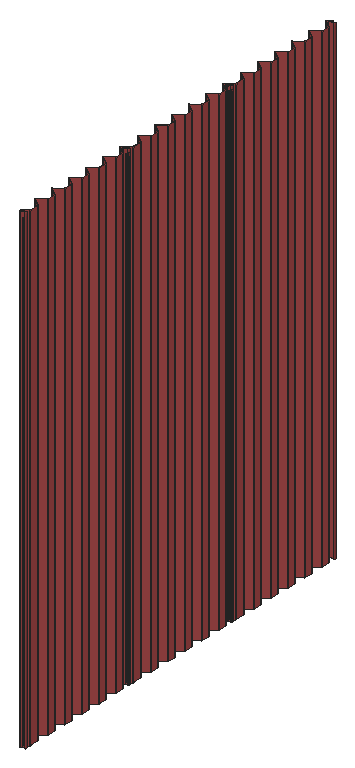
Revit family "HD044-2016.02.29-BT-Uveline", category Generic Models, Revit 2016
Family settings
  Part Type = Normal
  Can host rebar = No
  Round Connector Dimension = Use Diameter
  Work Plane-Based = No
  Always vertical = Yes
  Cut with Voids When Loaded = No
  Shared = No
  Room Calculation Point = No
Parameters (values of type "Productos HD")
  URL = "http://www.hunterdouglas.cl"
  Manufacturer = "Hunter Douglas"
  Distancia  entre apoyos = [Largo Panel (Editar Largo en tipo de panel)] - 200 mm  # 1200 mm
  Material = Metal
  Largo Panel (Editar Largo en tipo de panel) = 1400 mm
  ID_Source = "BIMTOOL"
  ID_Objeto = "BT_F_F_250"
  Description = "Panel Uveline"
  BT_Web_del_Producto = "http://www.hunterdouglas.cl"
  BT_Uso = "Exterior"
  BT_SKU = "00 00 00"
  BT_Profundidad = "Largo Máximo 6 mts"
  BT_Peso = "N/A"
  BT_Nombre_Tecnico = "Panel Uveline"
  BT_Nombre_Corto = "Panel Uveline"
  BT_Nombre_Comercial = "Panel Uveline"
  BT_Material = "Aluzinc"
  BT_MasterFormat® = "07 42 13"
  BT_Marca = "Hunter Douglas"
  BT_Linea = "A pedido"
  BT_Itemizado_Estandar_CDT = "D 01 08 04"
  BT_Fabricante = "Hunter Douglas"
  BT_Especialidad = "Arquitectura"
  BT_Elemento = "Paneles y Revestimientos verticales"
  BT_EETT = "Panel Uveline"
  BT_Descripcion = "Panel Uveline"
  BT_Color = "100 colores a eleccion"
  BT_Codigo_Origen = "HD046"
  BT_Ancho = "Avance 400 mm"
  BT_Alto = "6 mts maximo"
Reference planes
  plane 1 "Center (Front/Back)": y = 0
  plane 2: z = 0
  plane 3 "Center (Left/Right)": x = 0
Dimensions and locks
  aligned and locked: level to plane 2
Nested families
  nested 1: "Panel Uveline" at (9.168, 447.91, 0) x (0, -1, 0) z (0, 0, 1), type "Panel Uveline"
    with Largo 1500 mm
  nested 2: "Panel Uveline" at (9.168, 850.098, 0) x (0, -1, 0) z (0, 0, 1), type "Panel Uveline"
    with Largo 1500 mm
  nested 3: "Panel Uveline" at (9.168, 1252.285, 0) x (0, -1, 0) z (0, 0, 1), type "Panel Uveline"
    with Largo 1500 mm
Definition of nested family "Panel Uveline"
  Parameters (values of type "Panel Uveline")
    Material = none
    Largo = 250 mm
  Reference planes
    plane 1 "Center (Front/Back)": y = 0
    plane 2: z = 0
    plane 3 "Center (Left/Right)": x = 0
  Forms (mm)
    Extrusion 1, solid, material <- "Material"
      sketch origin (-4289.518, -624.069, 0) x (1, 0, 0) y (0, 1, 0)
        loop
          line (4695.194, 636.237) -> (4695.194, 647.335)
          arc (4695.194, 647.335) -> (4694.17, 648.758) -> (4692.496, 648.238) r 1.5
          line (4692.496, 648.238) -> (4682.322, 634.931)
          arc (4682.322, 634.931) -> (4681.265, 634.052) -> (4679.926, 633.737) r 3
          line (4679.926, 633.737) -> (4654.405, 633.737)
          arc (4654.405, 633.737) -> (4653.067, 634.052) -> (4652.009, 634.931) r 3
          line (4652.009, 634.931) -> (4633.805, 658.739)
          arc (4633.805, 658.739) -> (4632.807, 659.237) -> (4631.809, 658.739) r 1.25
          line (4631.809, 658.739) -> (4613.605, 634.931)
          arc (4613.605, 634.931) -> (4612.547, 634.052) -> (4611.209, 633.737) r 3
          line (4611.209, 633.737) -> (4587.909, 633.737)
          arc (4587.909, 633.737) -> (4586.57, 634.052) -> (4585.513, 634.931) r 3
          line (4585.513, 634.931) -> (4567.309, 658.739)
          arc (4567.309, 658.739) -> (4566.31, 659.237) -> (4565.312, 658.739) r 1.25
          line (4565.312, 658.739) -> (4547.108, 634.931)
          arc (4547.108, 634.931) -> (4546.051, 634.052) -> (4544.712, 633.737) r 3
          line (4544.712, 633.737) -> (4521.412, 633.737)
          arc (4521.412, 633.737) -> (4520.073, 634.052) -> (4519.016, 634.931) r 3
          line (4519.016, 634.931) -> (4500.812, 658.739)
          arc (4500.812, 658.739) -> (4499.814, 659.237) -> (4498.816, 658.739) r 1.25
          line (4498.816, 658.739) -> (4480.611, 634.931)
          arc (4480.611, 634.931) -> (4479.554, 634.052) -> (4478.216, 633.737) r 3
          line (4478.216, 633.737) -> (4454.916, 633.737)
          arc (4454.916, 633.737) -> (4453.577, 634.052) -> (4452.52, 634.931) r 3
          line (4452.52, 634.931) -> (4434.316, 658.739)
          arc (4434.316, 658.739) -> (4433.317, 659.237) -> (4432.319, 658.739) r 1.25
          line (4432.319, 658.739) -> (4414.115, 634.931)
          arc (4414.115, 634.931) -> (4413.058, 634.052) -> (4411.719, 633.737) r 3
          line (4411.719, 633.737) -> (4388.419, 633.737)
          arc (4388.419, 633.737) -> (4387.08, 634.052) -> (4386.023, 634.931) r 3
          line (4386.023, 634.931) -> (4367.819, 658.739)
          arc (4367.819, 658.739) -> (4366.821, 659.237) -> (4365.822, 658.739) r 1.25
          line (4365.822, 658.739) -> (4347.618, 634.931)
          arc (4347.618, 634.931) -> (4346.561, 634.052) -> (4345.223, 633.737) r 3
          line (4345.223, 633.737) -> (4321.923, 633.737)
          arc (4321.923, 633.737) -> (4320.584, 634.052) -> (4319.527, 634.931) r 3
          line (4319.527, 634.931) -> (4301.322, 659.089)
          arc (4301.322, 659.089) -> (4300.324, 659.587) -> (4299.326, 659.089) r 1.25
          line (4299.326, 659.089) -> (4292.41, 649.912)
          arc (4292.41, 649.912) -> (4292.109, 649.035) -> (4292.38, 648.149) r 1.5
          line (4292.38, 648.149) -> (4293.125, 647.084) -> (4293.503, 635.43)
          arc (4293.503, 635.43) -> (4295.217, 633.737) -> (4296.997, 635.36) r 1.75
          line (4296.997, 635.36) -> (4298.339, 650.693) -> (4297.771, 649.939) -> (4296.499, 635.4)
          arc (4296.499, 635.4) -> (4295.229, 634.237) -> (4294.003, 635.447) r 1.25
          line (4294.003, 635.447) -> (4293.635, 646.802)
          arc (4293.635, 646.802) -> (4293.559, 647.228) -> (4293.364, 647.614) r 1.5
          line (4293.364, 647.614) -> (4292.789, 648.436)
          arc (4292.789, 648.436) -> (4292.608, 649.027) -> (4292.81, 649.611) r 1
          line (4292.81, 649.611) -> (4299.725, 658.788)
          arc (4299.725, 658.788) -> (4300.324, 659.087) -> (4300.923, 658.788) r 0.75
          line (4300.923, 658.788) -> (4319.127, 634.63)
          arc (4319.127, 634.63) -> (4320.361, 633.605) -> (4321.923, 633.237) r 3.5
          line (4321.923, 633.237) -> (4345.223, 633.237)
          arc (4345.223, 633.237) -> (4346.784, 633.605) -> (4348.018, 634.63) r 3.5
          line (4348.018, 634.63) -> (4366.222, 658.438)
          arc (4366.222, 658.438) -> (4366.821, 658.737) -> (4367.42, 658.438) r 0.75
          line (4367.42, 658.438) -> (4385.624, 634.63)
          arc (4385.624, 634.63) -> (4386.857, 633.605) -> (4388.419, 633.237) r 3.5
          line (4388.419, 633.237) -> (4411.719, 633.237)
          arc (4411.719, 633.237) -> (4413.281, 633.605) -> (4414.514, 634.63) r 3.5
          line (4414.514, 634.63) -> (4432.718, 658.438)
          arc (4432.718, 658.438) -> (4433.317, 658.737) -> (4433.916, 658.438) r 0.75
          line (4433.916, 658.438) -> (4452.12, 634.63)
          arc (4452.12, 634.63) -> (4453.354, 633.605) -> (4454.916, 633.237) r 3.5
          line (4454.916, 633.237) -> (4478.216, 633.237)
          arc (4478.216, 633.237) -> (4479.777, 633.605) -> (4481.011, 634.63) r 3.5
          line (4481.011, 634.63) -> (4499.215, 658.438)
          arc (4499.215, 658.438) -> (4499.814, 658.737) -> (4500.413, 658.438) r 0.75
          line (4500.413, 658.438) -> (4518.617, 634.63)
          arc (4518.617, 634.63) -> (4519.85, 633.605) -> (4521.412, 633.237) r 3.5
          line (4521.412, 633.237) -> (4544.712, 633.237)
          arc (4544.712, 633.237) -> (4546.274, 633.605) -> (4547.507, 634.63) r 3.5
          line (4547.507, 634.63) -> (4565.711, 658.438)
          arc (4565.711, 658.438) -> (4566.31, 658.737) -> (4566.909, 658.438) r 0.75
          line (4566.909, 658.438) -> (4585.113, 634.63)
          arc (4585.113, 634.63) -> (4586.347, 633.605) -> (4587.909, 633.237) r 3.5
          line (4587.909, 633.237) -> (4611.209, 633.237)
          arc (4611.209, 633.237) -> (4612.77, 633.605) -> (4614.004, 634.63) r 3.5
          line (4614.004, 634.63) -> (4632.208, 658.438)
          arc (4632.208, 658.438) -> (4632.807, 658.737) -> (4633.406, 658.438) r 0.75
          line (4633.406, 658.438) -> (4651.61, 634.63)
          arc (4651.61, 634.63) -> (4652.843, 633.605) -> (4654.405, 633.237) r 3.5
          line (4654.405, 633.237) -> (4679.926, 633.237)
          arc (4679.926, 633.237) -> (4681.488, 633.605) -> (4682.721, 634.63) r 3.5
          line (4682.721, 634.63) -> (4692.9, 647.943)
          arc (4692.9, 647.943) -> (4694.015, 648.282) -> (4694.694, 647.335) r 1
          line (4694.694, 647.335) -> (4694.694, 636.237)
          arc (4694.694, 636.237) -> (4697.798, 633.239) -> (4700.687, 636.444) r 3
          line (4700.687, 636.444) -> (4700.916, 649.526)
          arc (4700.916, 649.526) -> (4700.717, 650.235) -> (4700.087, 650.616) r 1
          line (4700.087, 650.616) -> (4698.114, 650.946) -> (4697.314, 650.573) -> (4700.427, 650.052) -> (4700.188, 636.409)
          arc (4700.188, 636.409) -> (4697.78, 633.738) -> (4695.194, 636.237) r 2.5
      from 0 to 250
  Dimensions and locks
    "Largo": Extrusion 1 to Extrusion 1
    aligned and locked: plane 2 to level
  Automatic sketch dimensions
    Extrusion 1 sketch curve to Extrusion 1 sketch curve = 0 mm  (x44)
    plane 3 "Center (Left/Right)" to Extrusion 1 sketch curve = 2.618 mm
    Extrusion 1 sketch curve to Extrusion 1 sketch curve = 0.244 mm
    Extrusion 1 sketch curve to Extrusion 1 sketch curve = 0.031 mm  (x2)
    Extrusion 1 sketch curve to Extrusion 1 sketch curve = 0.41 mm
    Extrusion 1 sketch curve to Extrusion 1 sketch curve = 0.399 mm  (x19)
    Extrusion 1 sketch curve to Extrusion 1 sketch curve = 0.99 mm
    Extrusion 1 sketch curve to Extrusion 1 sketch curve = 0.239 mm
    plane 3 "Center (Left/Right)" to Extrusion 1 sketch curve = 3.985 mm
    Extrusion 1 sketch curve to Extrusion 1 sketch curve = 0.799 mm
    Extrusion 1 sketch curve to Extrusion 1 sketch curve = 0.509 mm
    Extrusion 1 sketch curve to Extrusion 1 sketch curve = 0.5 mm
    Extrusion 1 sketch curve to Extrusion 1 sketch curve = 1.249 mm
    Extrusion 1 sketch curve to Extrusion 1 sketch curve = 1.247 mm
    Extrusion 1 sketch curve to Extrusion 1 sketch curve = 0.498 mm
    Extrusion 1 sketch curve to Extrusion 1 sketch curve = 4.163 mm
    Extrusion 1 sketch curve to Extrusion 1 sketch curve = 0.568 mm
    Extrusion 1 sketch curve to Extrusion 1 sketch curve = 0.987 mm
    Extrusion 1 sketch curve to Extrusion 1 sketch curve = 0.599 mm  (x7)
    Extrusion 1 sketch curve to plane 1 "Center (Front/Back)" = 10.561 mm  (x12)
    Extrusion 1 sketch curve to Extrusion 1 sketch curve = 22.13 mm
    Extrusion 1 sketch curve to plane 1 "Center (Front/Back)" = 10.862 mm  (x12)
    Extrusion 1 sketch curve to Extrusion 1 sketch curve = 2.396 mm  (x12)
    Extrusion 1 sketch curve to Extrusion 1 sketch curve = 23.3 mm  (x5)
    Extrusion 1 sketch curve to plane 1 "Center (Front/Back)" = 34.67 mm  (x10)
    Extrusion 1 sketch curve to Extrusion 1 sketch curve = 18.204 mm  (x10)
    Extrusion 1 sketch curve to plane 1 "Center (Front/Back)" = 34.369 mm  (x10)
    Extrusion 1 sketch curve to plane 1 "Center (Front/Back)" = 12.668 mm  (x2)
    Extrusion 1 sketch curve to Extrusion 1 sketch curve = 25.521 mm
    Extrusion 1 sketch curve to plane 1 "Center (Front/Back)" = 24.169 mm
    Extrusion 1 sketch curve to Extrusion 1 sketch curve = 10.174 mm
    Extrusion 1 sketch curve to plane 1 "Center (Front/Back)" = 23.873 mm
    Extrusion 1 sketch curve to Extrusion 1 sketch curve = 0.404 mm
    Extrusion 1 sketch curve to Extrusion 1 sketch curve = 0.794 mm
    Extrusion 1 sketch curve to Extrusion 1 sketch curve = 1 mm
    Extrusion 1 sketch curve to plane 1 "Center (Front/Back)" = 26.504 mm
    Extrusion 1 sketch curve to Extrusion 1 sketch curve = 2.12 mm
    Extrusion 1 sketch curve to Extrusion 1 sketch curve = 2.5 mm
    Extrusion 1 sketch curve to plane 1 "Center (Front/Back)" = 26.877 mm
    Extrusion 1 sketch curve to Extrusion 1 sketch curve = 0.8 mm
    Extrusion 1 sketch curve to Extrusion 1 sketch curve = 1.808 mm
    Extrusion 1 sketch curve to plane 1 "Center (Front/Back)" = 26.547 mm
    Extrusion 1 sketch curve to Extrusion 1 sketch curve = 0.165 mm
    Extrusion 1 sketch curve to plane 1 "Center (Front/Back)" = 12.34 mm
    Extrusion 1 sketch curve to Extrusion 1 sketch curve = 2.494 mm
    Extrusion 1 sketch curve to plane 1 "Center (Front/Back)" = 25.983 mm
    Extrusion 1 sketch curve to Extrusion 1 sketch curve = 0.506 mm
    Extrusion 1 sketch curve to plane 1 "Center (Front/Back)" = 12.375 mm
    Extrusion 1 sketch curve to plane 1 "Center (Front/Back)" = 25.457 mm
    Extrusion 1 sketch curve to Extrusion 1 sketch curve = 0.489 mm
    Extrusion 1 sketch curve to Extrusion 1 sketch curve = 1.695 mm  (x4)
    Extrusion 1 sketch curve to plane 1 "Center (Front/Back)" = 11.291 mm
    Extrusion 1 sketch curve to Extrusion 1 sketch curve = 0.04 mm
    Extrusion 1 sketch curve to Extrusion 1 sketch curve = 11.323 mm
    Extrusion 1 sketch curve to Extrusion 1 sketch curve = 0.049 mm
    Extrusion 1 sketch curve to Extrusion 1 sketch curve = 0.281 mm
    Extrusion 1 sketch curve to Extrusion 1 sketch curve = 0.535 mm
    Extrusion 1 sketch curve to Extrusion 1 sketch curve = 0.287 mm
    Extrusion 1 sketch curve to Extrusion 1 sketch curve = 0.574 mm
    Extrusion 1 sketch curve to Extrusion 1 sketch curve = 0.93 mm
    Extrusion 1 sketch curve to Extrusion 1 sketch curve = 0.754 mm
    Extrusion 1 sketch curve to Extrusion 1 sketch curve = 7.644 mm
    Extrusion 1 sketch curve to Extrusion 1 sketch curve = 0.451 mm
    Extrusion 1 sketch curve to Extrusion 1 sketch curve = 0.301 mm
